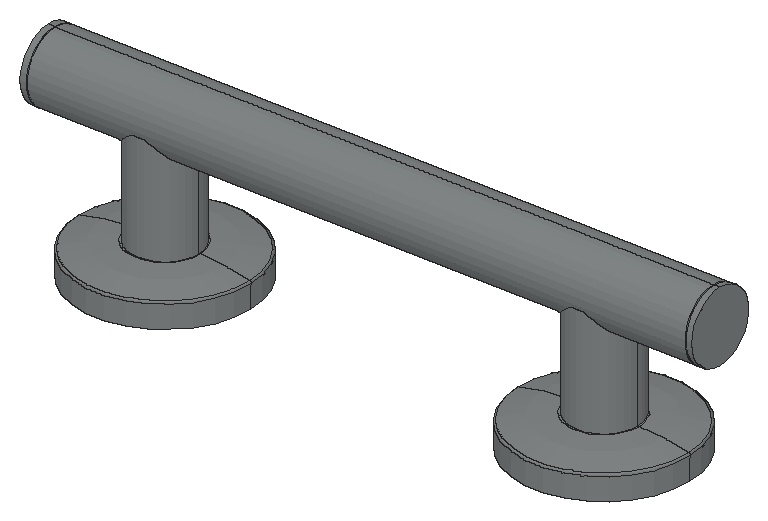
Revit family "PRD_AR_SpprtRls_MEDCAREGrabRail_MEDC0001_MEDC0002-MEDC0004", category Specialty Equipment, host Face, Revit 2023
Family settings
  Host = Face
  Round Connector Dimension = Use Diameter
  Part Type = Normal
  OmniClass Number = 23.40.20.21.47
  OmniClass Title = Bath Grab Bars
  Enable Cutting in Views = No
  Cut with Voids When Loaded = No
  Maintain Annotation Orientation = No
  Shared = No
  Room Calculation Point = No
Parameters (values of type "MEDC0001")
  WarrantyStartDate [instance] = "1900-12-31T23:59:59"
  WarrantyGuarantorParts = "n/a"
  WarrantyGuarantorLabor = "n/a"
  WarrantyDurationUnit = "n/a"
  WarrantyDurationParts = "n/a"
  WarrantyDurationLabor = "n/a"
  WarrantyDescription = "n/a"
  Version = "1"
  Uniclass2015Version = "Products v1.36"
  Uniclass2015Title = "Support rails"
  Uniclass2015Code = "Pr_40_20_76_84"
  URL = "www.kwc-professional.com"
  TypeOfMounting = "wall mounting"
  TypeOfFixing = "screw"
  Type IFC Predefined Type = "HANDRAIL"
  TagNumber [instance] = "n/a"
  SustainabilityPerformance = "n/a"
  SurfaceFinish = "satin finished"
  Status = "New"
  Size = "300 x 79 x 84 mm (W x H x D)"
  Shape = "n/a"
  SerialNumber [instance] = "n/a"
  Revision = "n/a"
  ReplacementCost = "n/a"
  Reference = "n/a"
  ProductInformation = "http://pim.kwc.com/product/3600003768/attachment/datasheet?locale=en"
  PipeDiameter = "32 mm"
  OverallWidth = "306 mm"
  OverallHeight = "79 mm"
  OverallDepth = "84 mm"
  NominalWidth = 300.00 mm
  NominalHeight = 79.00 mm
  NominalDepth = 84.00 mm
  Name = "MEDCARE Grab rail MEDC0001"
  NBSTypeID = "n/a"
  NBSReference = "45-35-72/360"
  NBSOfficeMasterTag = "n/a"
  NBSNote = "n/a"
  NBSDescription = "Support rails"
  NBSCertification = "n/a"
  ModelReference = "MEDC0001"
  ModelNumber = "3600003768"
  Model = ModelReference  # "MEDC0001"
  MaterialCode = "1.4301 Chrome Nickel steel V2A"
  Material = "stainless steel"
  ManufacturerURL = "www.kwc-professional.com"
  ManufacturerName = "KWC Group Management AG"  # constant formula
  Manufacturer = ManufacturerName  # "KWC Group Management AG"
  IsExternal = "FALSE"
  InstallationDate [instance] = "1900-12-31T23:59:59"
  IfcExportType = "HANDRAIL"
  IfcExportAs = "IfcRailingType"
  Height = 0.00 mm
  Grade = "n/a"
  Finish = "satin finished"
  Features = "Length 300 mm."
  Export Type to IFC As = "IfcRailingType"
  ExpectedLife = "n/a"
  DurationUnit = "n/a"
  Diameter = 32.00 mm
  BodyMaterial = PRD_AR_StainlessSteel_SatinFinished_BasaltGrey
  Description = "MEDCARE grab rail for wall mounting, for barrier-free requirements, stainless steel, basalt grey coated surface, 32 mm pipe diameter, 1.5 mm material thickness, 84 mm wall clearance, with plastic end caps, concealed mounting via stainless steel cylinders and rosettes, including mounting material."
  Default Elevation = 1200.00 mm
  CreatedOn = "05/2025"  # constant formula
  Constituents = "n/a"
  Color = "basalt grey"
  CodePerformance = "n/a"
  Category = "Pr_40_20_76_84, Support rails"
  BarCode [instance] = "n/a"
  Back = "no"
  BIMObjectName = "PRD_AR_SupportRails_MEDCAREGrabRail_MEDC0001"
  Author = "Archispace"  # constant formula
  AssetType = "Fixed"
  AssetIdentifier [instance] = "n/a"
  AccessibilityPerformance = "n/a"
Types (4, lengths in mm): name | Size | ProductInformation | OverallWidth | NominalWidth | Name | ModelReference | ModelNumber | Model | Features | BIMObjectName
  MEDC0001 | "300 x 79 x 84 mm (W x H x D)" | "http://pim.kwc.com/product/3600003768/attachment/datasheet?locale=en" | "306 mm" | 300.00 | "MEDCARE Grab rail MEDC0001" | "MEDC0001" | "3600003768" | "MEDC0001" | "Length 300 mm." | "PRD_AR_SupportRails_MEDCAREGrabRail_MEDC0001"
  MEDC0002 | "600 x 79 x 84 mm (W x H x D)" | "http://pim.kwc.com/product/3600003769/attachment/datasheet?locale=en" | "606 mm" | 600.00 | "MEDCARE Grab rail MEDC0002" | "MEDC0002" | "3600003769" | "MEDC0002" | "Length 600 mm." | "PRD_AR_SupportRails_MEDCAREGrabRail_MEDC0002"
  MEDC0003 | "750 x 79 x 84 mm (W x H x D)" | "http://pim.kwc.com/product/3600003770/attachment/datasheet?locale=en" | "756 mm" | 750.00 | "MEDCARE Grab rail MEDC0003" | "MEDC0003" | "3600003770" | "MEDC0003" | "Length 750 mm." | "PRD_AR_SupportRails_MEDCAREGrabRail_MEDC0003"
  MEDC0004 | "900 x 79 x 84 mm (W x H x D)" | "http://pim.kwc.com/product/3600003771/attachment/datasheet?locale=en" | "906 mm" | 900.00 | "MEDCARE Grab rail MEDC0004" | "MEDC0004" | "3600003771" | "MEDC0004" | "Length 900 mm." | "PRD_AR_SupportRails_MEDCAREGrabRail_MEDC0004"
Reference planes
  plane 1 "Center (Front/Back)": y = 0
  plane 2: z = 0
  plane 3 "Center (Left/Right)": x = 0
  plane 4: x = 0
Dimensions and locks
  aligned and locked: plane 2 to host face
  aligned and locked: level to host face
  aligned and locked: plane 3 "Center (Left/Right)" to nested 1
  aligned and locked: plane 1 "Center (Front/Back)" to nested 1
Nested families
  nested 1: "GrabRail" at (0, 0, 0) x (1, 0, 0) z (0, 1, 0), type "GrabRail"
Definition of nested family "GrabRail"
  Parameters (values of type "GrabRail")
    L = 300.00 mm
    Material = none
    Default Elevation = 1219.20 mm
  Reference planes
    plane 1 "Center (Front/Back)": y = 0
    plane 2: z = 0
    plane 3 "Center (Left/Right)": x = 0
    plane 4: x = -100
    plane 5: x = 100
    plane 6: y = -68
    plane 7: x = -150
    plane 8: x = 150
    plane 9: x = -153
    plane 10: x = 153
  Forms (mm)
    Sweep 1, solid, material <- "Material", detail levels fine
      path origin (0, 0, 0) x (1, 0, 0) y (0, 1, 0)
        loop
          line (-150, -68) -> (150, -68)
      profile origin (0, -68, 0) x (0, 1, 0) y (0, 0, 1)
        loop
          circle (0, 0) r 16
    Sweep 2, solid, material <- "Material", detail levels fine
      path origin (0, 0, 0) x (1, 0, 0) y (0, 1, 0)
        loop
          line (0, 0) -> (0, -68)
      profile origin (0, -34, 0) x (1, 0, 0) y (0, 0, 1)
        loop
          circle (-100, 0) r 15.5
        loop
          circle (100, 0) r 15.5
    Revolve 3, solid, material <- "Material", detail levels fine
      sketch origin (0, 0, 0) x (1, 0, 0) y (0, 1, 0)
        loop
          line (-139.25, 0) -> (-139.25, -10.247)
          arc (-139.25, -10.247) -> (-139.048, -10.851) -> (-138.522, -11.21) r 1
          arc (-138.522, -11.21) -> (-127.493, -13.524) -> (-116.25, -14.3) r 81.802
          line (-116.25, -14.3) -> (-100, -14.3) -> (-100, 0) -> (-139.25, 0)
        axis (-100, 0) -> (-100, -14.3)
      angle from 0 to 360
    Revolve 4, solid, material <- "Material", detail levels fine
      sketch origin (0, 0, 0) x (-1, 0, 0) y (0, -1, 0)
        loop
          line (-139.25, 0) -> (-100, 0) -> (-100, 14.3) -> (-116.25, 14.3)
          arc (-116.25, 14.3) -> (-127.493, 13.524) -> (-138.522, 11.21) r 81.802
          arc (-138.522, 11.21) -> (-139.048, 10.851) -> (-139.25, 10.247) r 1
          line (-139.25, 10.247) -> (-139.25, 0)
        axis (-100, 0) -> (-100, 14.3)
      angle from 0 to 360
    Sweep 5, solid, material <- "Material", detail levels fine
      path origin (0, -15, 0) x (1, 0, 0) y (0, 1, 0)
        loop
          line (-153, -53) -> (-150, -53)
      profile origin (-151.5, -68, 0) x (0, 1, 0) y (0, 0, 1)
        loop
          circle (0, 0) r 16
    Sweep 6, solid, material <- "Material", detail levels fine
      path origin (0, -15, 0) x (-1, 0, 0) y (0, -1, 0)
        loop
          line (-153, 53) -> (-150, 53)
      profile origin (151.5, -68, 0) x (0, -1, 0) y (0, 0, 1)
        loop
          circle (0, 0) r 16
    Sweep 7, solid, material <- "Material", detail levels medium
      path origin (0, 0, 0) x (1, 0, 0) y (0, 1, 0)
        loop
          line (0, 0) -> (0, -14.3)
      profile origin (0, -7.15, 0) x (1, 0, 0) y (0, 0, 1)
        loop
          circle (-100, 0) r 39.25
        loop
          circle (100, 0) r 39.25
    Sweep 8, solid, material <- "Material", detail levels medium
      path origin (0, 0, 0) x (1, 0, 0) y (0, 1, 0)
        loop
          line (0, 0) -> (0, -68)
      profile origin (0, -34, 0) x (1, 0, 0) y (0, 0, 1)
        loop
          circle (-100, 0) r 15.5
        loop
          circle (100, 0) r 15.5
    Sweep 9, solid, material <- "Material", detail levels medium
      path origin (0, 0, 0) x (1, 0, 0) y (0, 1, 0)
        loop
          line (-153, -68) -> (153, -68)
      profile origin (0, -68, 0) x (0, 1, 0) y (0, 0, 1)
        loop
          circle (0, 0) r 16
    Extrusion 10, solid, material <- "Material", detail levels coarse
      sketch origin (0, 0, 0) x (1, 0, 0) y (0, 1, 0)
        loop
          line (-153, 0) -> (-153, -84) -> (153, -84) -> (153, 0) -> (-153, 0)
      from -39.3 to 39.3
  Cuts and joins
    joined: Sweep 1, Sweep 2, Revolve 3, Revolve 4
    joined: Sweep 7, Sweep 8, Sweep 9
  Dimensions and locks
    locked: plane 6 to plane 1 "Center (Front/Back)" at 68
    plane 7 to plane 4 = 50.00 mm
    plane 5 to plane 8 = 50.00 mm
    equal spacing: plane 7, plane 3 "Center (Left/Right)", plane 8
    "L": plane 7 to plane 8
    locked: plane 9 to plane 7 at 3
    locked: plane 8 to plane 10 at 3
    aligned and locked: level to plane 2
    aligned and locked: plane 7 to Sweep 1 sketch curve
    aligned and locked: plane 8 to Sweep 1 sketch curve
    aligned and locked: Sweep 1 sketch curve to plane 6
    aligned and locked: Sweep 2 sketch curve to plane 3 "Center (Left/Right)"
    aligned and locked: plane 1 "Center (Front/Back)" to Sweep 2 sketch curve
    aligned and locked: plane 6 to Sweep 2 sketch curve
    aligned and locked: plane 4 to Sweep 2 sketch curve
    aligned and locked: plane 5 to Sweep 2 sketch curve
    aligned and locked: level to Sweep 2 sketch curve  (x2)
    aligned and locked: plane 9 to Sweep 5 sketch curve
    aligned and locked: plane 7 to Sweep 5 sketch curve
    aligned and locked: Sweep 5 sketch curve to plane 6
    aligned and locked: plane 6 to Sweep 6 sketch curve
    aligned and locked: plane 10 to Sweep 6 sketch curve
    aligned and locked: plane 8 to Sweep 6 sketch curve
    aligned and locked: plane 6 to Sweep 8 sketch curve
    aligned and locked: Sweep 8 sketch curve to plane 3 "Center (Left/Right)"
    aligned and locked: plane 1 "Center (Front/Back)" to Sweep 8 sketch curve
    aligned and locked: plane 9 to Sweep 9 sketch curve
    aligned and locked: Sweep 9 sketch curve to plane 6
    aligned and locked: plane 10 to Sweep 9 sketch curve
    aligned and locked: plane 1 "Center (Front/Back)" to Extrusion 10 sketch curve
    aligned and locked: plane 9 to Extrusion 10 sketch curve
    aligned and locked: Extrusion 10 sketch curve to plane 10
  Automatic sketch dimensions
    Sweep 1 sketch curve to level = 0.00 mm
    Sweep 1 sketch curve to profile plane = 0.00 mm
    Sweep 2 sketch curve to plane 3 "Center (Left/Right)" = 0.00 mm
    plane 1 "Center (Front/Back)" to Revolve 3 sketch curve = 0.00 mm
    Revolve 3 sketch curve to plane 4 = 0.00 mm  (x2)
    Revolve 3 sketch curve to plane 4 = 16.25 mm
    plane 7 to Revolve 3 sketch curve = 11.75 mm
    Revolve 3 sketch curve to Revolve 3 sketch curve = 1.00 mm
    plane 1 "Center (Front/Back)" to Revolve 3 sketch curve = 10.247 mm
    plane 1 "Center (Front/Back)" to Revolve 3 sketch curve = 14.30 mm
    Revolve 3 sketch curve to plane 1 "Center (Front/Back)" = 67.502 mm
    Revolve 3 sketch curve to Revolve 3 sketch curve = 8.174 mm
    Revolve 3 sketch curve to Revolve 3 sketch curve = 5.00 mm
    plane 1 "Center (Front/Back)" to Revolve 4 sketch curve = 0.00 mm
    Revolve 4 sketch curve to plane 5 = 0.00 mm  (x2)
    Revolve 4 sketch curve to Revolve 4 sketch curve = 16.25 mm
    Revolve 4 sketch curve to plane 8 = 11.75 mm
    Revolve 4 sketch curve to Revolve 4 sketch curve = 1.00 mm
    Revolve 4 sketch curve to plane 1 "Center (Front/Back)" = 67.502 mm
    plane 1 "Center (Front/Back)" to Revolve 4 sketch curve = 10.247 mm
    plane 1 "Center (Front/Back)" to Revolve 4 sketch curve = 14.30 mm
    Revolve 4 sketch curve to Revolve 4 sketch curve = 8.174 mm
    Revolve 4 sketch curve to Revolve 4 sketch curve = 5.00 mm
    Sweep 5 sketch curve to level = 0.00 mm
    Sweep 5 sketch curve to profile plane = 0.00 mm
    Sweep 6 sketch curve to level = 0.00 mm
    Sweep 6 sketch curve to profile plane = 0.00 mm
    Sweep 7 sketch curve to plane 3 "Center (Left/Right)" = 0.00 mm
    plane 1 "Center (Front/Back)" to Sweep 7 sketch curve = 0.00 mm
    plane 1 "Center (Front/Back)" to Sweep 7 sketch curve = 14.30 mm
    Sweep 7 sketch curve to level = 0.00 mm  (x2)
    profile plane to Sweep 7 sketch curve = 100.00 mm
    Sweep 7 sketch curve to profile plane = 100.00 mm
    Sweep 8 sketch curve to level = 0.00 mm  (x2)
    profile plane to Sweep 8 sketch curve = 100.00 mm
    Sweep 8 sketch curve to profile plane = 100.00 mm
    Sweep 9 sketch curve to level = 0.00 mm
    Sweep 9 sketch curve to profile plane = 0.00 mm
    Extrusion 10 sketch curve to plane 6 = 16.00 mm
    radius of Sweep 1 sketch curve = 16.00 mm
    radius of Sweep 2 sketch curve = 15.50 mm  (x2)
    radius of Sweep 5 sketch curve = 16.00 mm
    radius of Sweep 6 sketch curve = 16.00 mm
    radius of Sweep 7 sketch curve = 39.25 mm  (x2)
    radius of Sweep 8 sketch curve = 15.50 mm  (x2)
    radius of Sweep 9 sketch curve = 16.00 mm
